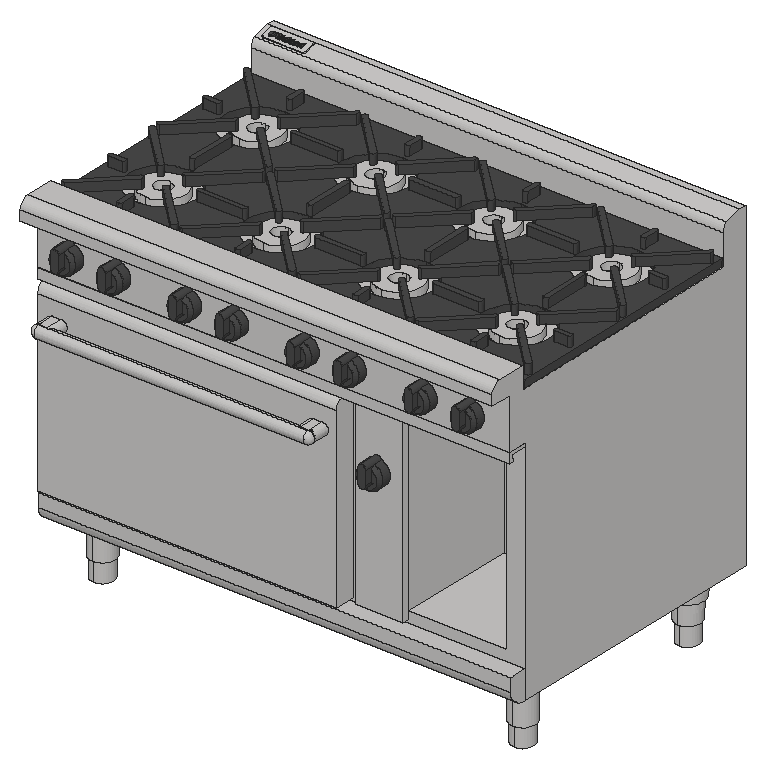
Revit family "QF_MOFFAT WALDORF_RNL8810G", category Specialty Equipment, Revit 2012
Parameters
  Width = 1200 mm
  Weight in Pounds = 258
  URL Cutsheet = "www.moffat.com"
  URL = "www.moffat.com"
  Type Mark [instance] = ""
  Status [instance] = ""
  Specification by User [instance] = ""
  Specification by Manufacturer = ""
  Show Logo [instance] = yes
  Show Clearance [instance] = yes
  Serial Number = ""
  Seismic Rating = ""
  SMACNA No = ""
  Revision Code [instance] = ""
  Omniclass Number and Title = ""
  NAFEM Spec ID Number = ""
  Model = "RNL8810G"
  Mechanical Remarks = ""
  Mechanical Connection Type [instance] = ""
  Masterspec = ""
  Manufacturer = "MOFFAT WALDORF"
  Item Number [instance] = ""
  Installed By [instance] = ""
  Identify Quantity as Lot [instance] = yes
  Height = 970 mm
  Gas Size = 3/4"
  Gas RI Height [instance] = 0 mm
  Gas KW [instance] = 70.5
  Gas Input [instance] = 240746.0 Btu/h
  Gas Connection Height = 0 mm
  Furnished By [instance] = ""
  Foodservice Equipment Identifier [instance] = yes
  Description = "RANGE LOW SPLASHBACK GAS WITH STATIC OVEN"
  Depth = 805 mm
  CSI MasterFormat = ""
  CSI Master Format = ""
  Body Finish = QF_Finishes_Stainless Steel
Reference planes
  plane 1 "BACK": y = 0
  plane 2: z = 0
  plane 3 "LEFT": x = 0
  plane 4 "RIGHT": x = 1200
  plane 5 "FRONT": y = -805
  plane 6 "TOP": z = 970
  plane 7 "Center Y": x = 600
  plane 8 "Center X": y = -402.5
  plane 9: x = 280
  plane 10: y = -574.272
  plane 11: x = 60
  plane 12: y = -304.972
  plane 13: y = -364.972
  plane 14: x = 74
  plane 15: y = -805
  plane 16: x = 1134.5
  plane 17: y = -32
  plane 18: z = 655
  plane 19: x = 65.5
  plane 20: x = 65.8
Forms (mm)
  Extrusion 1, solid, material "QF_Finishes_Stainless Steel" <- "Body Finish"
    sketch origin (0, 0, 0) x (0, 1, 0) y (0, 0, 1)
      loop
        line (0, 150) -> (0, 970) -> (-16.5, 970) -> (-58.709, 958.69)
        arc (-58.709, 958.69) -> (-66.975, 950.425) -> (-70, 939.134) r 22.582
        line (-70, 939.134) -> (-70, 861.8) -> (-709, 861.8) -> (-709, 915) -> (-781, 915)
        arc (-781, 915) -> (-797.971, 907.971) -> (-805, 891) r 24
        line (-805, 891) -> (-805, 866) -> (-749, 866) -> (-749, 736.219) -> (-696.73, 736.219) -> (-696.73, 150) -> (0, 150)
      loop
        line (-700.93, 150.071) -> (-700.93, 222.5) -> (-746.73, 222.5) -> (-746.73, 188)
        arc (-746.73, 188) -> (-731.317, 159.995) -> (-700.93, 150.071) r 43.526
      loop
        line (-749, 710) -> (-740.224, 710) -> (-742.613, 726.999) -> (-700.93, 726.999) -> (-700.93, 734.003) -> (-749, 734.003) -> (-749, 710)
    from 0 to 1200
  Extrusion 2, solid, material "QF_Finishes_Stainless Steel"
    sketch origin (0, 0, 0) x (0, 1, 0) y (0, 0, 1)
      loop
        line (-699, 700) -> (-725, 700)
        arc (-725, 700) -> (-741.971, 692.971) -> (-749, 676) r 24
        line (-749, 676) -> (-749, 227.5) -> (-699, 227.5) -> (-699, 700)
    from 0 to 760
  Extrusion 3, solid, material "QF_Finishes_Stainless Steel"
    sketch origin (723.5, 0, 0) x (0, 1, 0) y (0, 0, 1)
      loop
        line (-699, 700) -> (-714, 700) -> (-714, 227.5) -> (-699, 227.5) -> (-699, 700)
    from 56.898 to 176.5
  Revolve 4, solid, material "QF_Finishes_Stainless Steel" <- "Body Finish"
    sketch origin (1134.5, -165, 0) x (0, 1, 0) y (0, 0, -1)
      loop
        line (33.25, -50) -> (31.418, -102.468) -> (26.406, -102.468) -> (22.247, -150) -> (65, -150) -> (65, 0) -> (37.5, 0) -> (37.5, -50) -> (33.25, -50)
      axis (65, -150) -> (65, 0)
    angle from 0 to 360
  Revolve 5, solid, material "QF_Finishes_Stainless Steel" <- "Body Finish"
    sketch origin (1134.5, -696.126, 0) x (0, 1, 0) y (0, 0, -1)
      loop
        line (39.376, -150) -> (71.126, -150) -> (71.126, 0) -> (43.626, 0) -> (43.626, -50) -> (39.376, -50) -> (39.376, -150)
      axis (71.126, -150) -> (71.126, 0)
    angle from 0 to 360
  Revolve 6, solid, material "QF_Finishes_Stainless Steel" <- "Body Finish"
    sketch origin (65.5, -165, 0) x (0, 1, 0) y (0, 0, 1)
      loop
        line (31.418, 102.468) -> (33.25, 50) -> (37.5, 50) -> (37.5, 0) -> (65, 0) -> (65, 150) -> (22.247, 150) -> (26.406, 102.468) -> (31.418, 102.468)
      axis (65, 150) -> (65, 0)
    angle from 0 to 360
  Revolve 7, solid, material "QF_Finishes_Stainless Steel" <- "Body Finish"
    sketch origin (65.5, -696.126, 0) x (0, 1, 0) y (0, 0, 1)
      loop
        line (39.376, 150) -> (39.376, 50) -> (43.626, 50) -> (43.626, 0) -> (71.126, 0) -> (71.126, 150) -> (39.376, 150)
      axis (71.126, 150) -> (71.126, 0)
    angle from 0 to 360
  Extrusion 8, solid, material "QF_Finishes_Stainless Steel"
    sketch origin (-64.5, 0, 325) x (1, 0, 0) y (0, 1, 0)
      loop
        circle (1134.5, -32) r 10
    from 330 to 374.856
  Extrusion 9, void
    sketch origin (0, -696.73, 640) x (0, 0, -1) y (-1, 0, 0)
      loop
        line (-36, -900) -> (-36, -1150) -> (394, -1150) -> (394, -900) -> (-36, -900)
    from 0 to 304.8
  Extrusion 10, solid, material "QF_Finishes_Black"
    sketch origin (0, -70, 861.8) x (0, -1, 0) y (1, 0, 0)
      loop
        arc (1, 4) -> (1.879, 1.879) -> (4, 1) r 3
        line (4, 1) -> (631, 1)
        arc (631, 1) -> (633.121, 1.879) -> (634, 4) r 3
        line (634, 4) -> (634, 1197)
        arc (634, 1197) -> (633.121, 1199.121) -> (631, 1200) r 3
        line (631, 1200) -> (4, 1200)
        arc (4, 1200) -> (1.879, 1199.121) -> (1, 1197) r 3
        line (1, 1197) -> (1, 4)
      loop
        circle (167.5, 150) r 85
      loop
        circle (167.5, 450) r 85
      loop
        circle (467.768, 150) r 85
      loop
        circle (467.768, 450) r 85
      loop
        circle (167.5, 750) r 85
      loop
        circle (467.768, 750) r 85
      loop
        circle (167.5, 1050) r 85
      loop
        circle (467.768, 1050) r 85
    from 0 to 19.5
  Extrusion 11, solid, material "QF_Finishes_Black"
    sketch origin (0, -70, 881.3) x (0, -1, 0) y (1, 0, 0)
      loop
        spline (323.602, 15.153) -> (322.681, 13.924) -> (322.131, 12.47) -> (321.99, 10.89) -> (322.267, 9.292) -> (322.943, 7.786) -> (323.973, 6.473) -> (325.286, 5.443) -> (326.792, 4.767) -> (328.39, 4.49) -> (329.97, 4.631) -> (331.424, 5.181) -> (332.653, 6.102)
        line (332.653, 6.102) -> (440.576, 114.025)
        spline (440.576, 114.025) -> (441.337, 115.095) -> (441.738, 116.399) -> (441.751, 117.851) -> (441.375, 119.35) -> (440.637, 120.795) -> (439.586, 122.086) -> (438.295, 123.137) -> (436.85, 123.875) -> (435.351, 124.251) -> (433.899, 124.238) -> (432.595, 123.837) -> (431.525, 123.076)
        line (431.525, 123.076) -> (323.602, 15.153)
      loop
        line (611.398, 15.153) -> (503.475, 123.076)
        spline (503.475, 123.076) -> (502.405, 123.837) -> (501.101, 124.238) -> (499.649, 124.251) -> (498.15, 123.875) -> (496.705, 123.137) -> (495.414, 122.086) -> (494.363, 120.795) -> (493.625, 119.35) -> (493.249, 117.851) -> (493.262, 116.399) -> (493.663, 115.095) -> (494.424, 114.025)
        line (494.424, 114.025) -> (602.347, 6.102)
        spline (602.347, 6.102) -> (603.416, 5.341) -> (604.721, 4.941) -> (606.172, 4.928) -> (607.671, 5.303) -> (609.116, 6.041) -> (610.408, 7.092) -> (611.459, 8.384) -> (612.197, 9.829) -> (612.572, 11.328) -> (612.559, 12.779) -> (612.159, 14.084) -> (611.398, 15.153)
      loop
        spline (375.602, 143.6) -> (376.896, 143.818) -> (378.102, 144.457) -> (379.138, 145.475) -> (379.932, 146.8) -> (380.432, 148.344) -> (380.602, 150) -> (380.432, 151.656) -> (379.932, 153.2) -> (379.138, 154.525) -> (378.102, 155.543) -> (376.896, 156.182) -> (375.602, 156.4)
        line (375.602, 156.4) -> (259.398, 156.4)
        spline (259.398, 156.4) -> (258.104, 156.182) -> (256.898, 155.543) -> (255.862, 154.525) -> (255.068, 153.2) -> (254.568, 151.656) -> (254.398, 150) -> (254.568, 148.344) -> (255.068, 146.8) -> (255.862, 145.475) -> (256.898, 144.457) -> (258.104, 143.818) -> (259.398, 143.6)
        line (259.398, 143.6) -> (375.602, 143.6)
      loop
        spline (23.602, 15.153) -> (22.681, 13.924) -> (22.131, 12.47) -> (21.99, 10.89) -> (22.267, 9.292) -> (22.943, 7.786) -> (23.973, 6.473) -> (25.286, 5.443) -> (26.792, 4.767) -> (28.39, 4.49) -> (29.97, 4.631) -> (31.424, 5.181) -> (32.653, 6.102)
        line (32.653, 6.102) -> (140.576, 114.025)
        spline (140.576, 114.025) -> (141.337, 115.095) -> (141.738, 116.399) -> (141.751, 117.851) -> (141.375, 119.35) -> (140.637, 120.795) -> (139.586, 122.086) -> (138.295, 123.137) -> (136.85, 123.875) -> (135.351, 124.251) -> (133.899, 124.238) -> (132.595, 123.837) -> (131.525, 123.076)
        line (131.525, 123.076) -> (23.602, 15.153)
      loop
        line (311.398, 15.153) -> (203.475, 123.076)
        spline (203.475, 123.076) -> (202.405, 123.837) -> (201.101, 124.238) -> (199.649, 124.251) -> (198.15, 123.875) -> (196.705, 123.137) -> (195.414, 122.086) -> (194.363, 120.795) -> (193.625, 119.35) -> (193.249, 117.851) -> (193.262, 116.399) -> (193.663, 115.095) -> (194.424, 114.025)
        line (194.424, 114.025) -> (302.347, 6.102)
        spline (302.347, 6.102) -> (303.416, 5.341) -> (304.721, 4.941) -> (306.172, 4.928) -> (307.671, 5.303) -> (309.116, 6.041) -> (310.408, 7.092) -> (311.459, 8.384) -> (312.197, 9.829) -> (312.572, 11.328) -> (312.559, 12.779) -> (312.159, 14.084) -> (311.398, 15.153)
      loop
        line (323.602, 284.847) -> (431.525, 176.924)
        spline (431.525, 176.924) -> (432.595, 176.163) -> (433.899, 175.762) -> (435.351, 175.749) -> (436.85, 176.125) -> (438.295, 176.863) -> (439.586, 177.914) -> (440.637, 179.205) -> (441.375, 180.65) -> (441.751, 182.149) -> (441.738, 183.601) -> (441.337, 184.905) -> (440.576, 185.975)
        line (440.576, 185.975) -> (332.653, 293.898)
        spline (332.653, 293.898) -> (331.424, 294.819) -> (329.97, 295.369) -> (328.39, 295.51) -> (326.792, 295.233) -> (325.286, 294.557) -> (323.973, 293.527) -> (322.943, 292.214) -> (322.267, 290.708) -> (321.99, 289.11) -> (322.131, 287.53) -> (322.681, 286.076) -> (323.602, 284.847)
      loop
        spline (611.398, 284.847) -> (612.159, 285.916) -> (612.559, 287.221) -> (612.572, 288.672) -> (612.197, 290.171) -> (611.459, 291.616) -> (610.408, 292.908) -> (609.116, 293.959) -> (607.671, 294.697) -> (606.172, 295.072) -> (604.721, 295.059) -> (603.416, 294.659) -> (602.347, 293.898)
        line (602.347, 293.898) -> (494.424, 185.975)
        spline (494.424, 185.975) -> (493.663, 184.905) -> (493.262, 183.601) -> (493.249, 182.149) -> (493.625, 180.65) -> (494.363, 179.205) -> (495.414, 177.914) -> (496.705, 176.863) -> (498.15, 176.125) -> (499.649, 175.749) -> (501.101, 175.762) -> (502.405, 176.163) -> (503.475, 176.924)
        line (503.475, 176.924) -> (611.398, 284.847)
      loop
        spline (461.1, 241.898) -> (461.318, 240.604) -> (461.957, 239.398) -> (462.975, 238.362) -> (464.3, 237.568) -> (465.844, 237.068) -> (467.5, 236.898) -> (469.156, 237.068) -> (470.7, 237.568) -> (472.025, 238.362) -> (473.043, 239.398) -> (473.682, 240.604) -> (473.9, 241.898)
        line (473.9, 241.898) -> (473.9, 358.102)
        spline (473.9, 358.102) -> (473.682, 359.396) -> (473.043, 360.602) -> (472.025, 361.638) -> (470.7, 362.432) -> (469.156, 362.932) -> (467.5, 363.102) -> (465.844, 362.932) -> (464.3, 362.432) -> (462.975, 361.638) -> (461.957, 360.602) -> (461.318, 359.396) -> (461.1, 358.102)
        line (461.1, 358.102) -> (461.1, 241.898)
      loop
        line (23.602, 284.847) -> (131.525, 176.924)
        spline (131.525, 176.924) -> (132.595, 176.163) -> (133.899, 175.762) -> (135.351, 175.749) -> (136.85, 176.125) -> (138.295, 176.863) -> (139.586, 177.914) -> (140.637, 179.205) -> (141.375, 180.65) -> (141.751, 182.149) -> (141.738, 183.601) -> (141.337, 184.905) -> (140.576, 185.975)
        line (140.576, 185.975) -> (32.653, 293.898)
        spline (32.653, 293.898) -> (31.424, 294.819) -> (29.97, 295.369) -> (28.39, 295.51) -> (26.792, 295.233) -> (25.286, 294.557) -> (23.973, 293.527) -> (22.943, 292.214) -> (22.267, 290.708) -> (21.99, 289.11) -> (22.131, 287.53) -> (22.681, 286.076) -> (23.602, 284.847)
      loop
        spline (311.398, 284.847) -> (312.159, 285.916) -> (312.559, 287.221) -> (312.572, 288.672) -> (312.197, 290.171) -> (311.459, 291.616) -> (310.408, 292.908) -> (309.116, 293.959) -> (307.671, 294.697) -> (306.172, 295.072) -> (304.721, 295.059) -> (303.416, 294.659) -> (302.347, 293.898)
        line (302.347, 293.898) -> (194.424, 185.975)
        spline (194.424, 185.975) -> (193.663, 184.905) -> (193.262, 183.601) -> (193.249, 182.149) -> (193.625, 180.65) -> (194.363, 179.205) -> (195.414, 177.914) -> (196.705, 176.863) -> (198.15, 176.125) -> (199.649, 175.749) -> (201.101, 175.762) -> (202.405, 176.163) -> (203.475, 176.924)
        line (203.475, 176.924) -> (311.398, 284.847)
      loop
        spline (161.1, 241.898) -> (161.318, 240.604) -> (161.957, 239.398) -> (162.975, 238.362) -> (164.3, 237.568) -> (165.844, 237.068) -> (167.5, 236.898) -> (169.156, 237.068) -> (170.7, 237.568) -> (172.025, 238.362) -> (173.043, 239.398) -> (173.682, 240.604) -> (173.9, 241.898)
        line (173.9, 241.898) -> (173.9, 358.102)
        spline (173.9, 358.102) -> (173.682, 359.396) -> (173.043, 360.602) -> (172.025, 361.638) -> (170.7, 362.432) -> (169.156, 362.932) -> (167.5, 363.102) -> (165.844, 362.932) -> (164.3, 362.432) -> (162.975, 361.638) -> (161.957, 360.602) -> (161.318, 359.396) -> (161.1, 358.102)
        line (161.1, 358.102) -> (161.1, 241.898)
      loop
        line (375.602, 456.4) -> (259.398, 456.4)
        spline (259.398, 456.4) -> (258.104, 456.182) -> (256.898, 455.543) -> (255.862, 454.525) -> (255.068, 453.2) -> (254.568, 451.656) -> (254.398, 450) -> (254.568, 448.344) -> (255.068, 446.8) -> (255.862, 445.475) -> (256.898, 444.457) -> (258.104, 443.818) -> (259.398, 443.6)
        line (259.398, 443.6) -> (375.602, 443.6)
        spline (375.602, 443.6) -> (376.896, 443.818) -> (378.102, 444.457) -> (379.138, 445.475) -> (379.932, 446.8) -> (380.432, 448.344) -> (380.602, 450) -> (380.432, 451.656) -> (379.932, 453.2) -> (379.138, 454.525) -> (378.102, 455.543) -> (376.896, 456.182) -> (375.602, 456.4)
      loop
        spline (323.602, 315.153) -> (322.681, 313.924) -> (322.131, 312.47) -> (321.99, 310.89) -> (322.267, 309.292) -> (322.943, 307.786) -> (323.973, 306.473) -> (325.286, 305.443) -> (326.792, 304.767) -> (328.39, 304.49) -> (329.97, 304.631) -> (331.424, 305.181) -> (332.653, 306.102)
        line (332.653, 306.102) -> (440.576, 414.025)
        spline (440.576, 414.025) -> (441.337, 415.095) -> (441.738, 416.399) -> (441.751, 417.851) -> (441.375, 419.35) -> (440.637, 420.795) -> (439.586, 422.086) -> (438.295, 423.137) -> (436.85, 423.875) -> (435.351, 424.251) -> (433.899, 424.238) -> (432.595, 423.837) -> (431.525, 423.076)
        line (431.525, 423.076) -> (323.602, 315.153)
      loop
        line (611.398, 315.153) -> (503.475, 423.076)
        spline (503.475, 423.076) -> (502.405, 423.837) -> (501.101, 424.238) -> (499.649, 424.251) -> (498.15, 423.875) -> (496.705, 423.137) -> (495.414, 422.086) -> (494.363, 420.795) -> (493.625, 419.35) -> (493.249, 417.851) -> (493.262, 416.399) -> (493.663, 415.095) -> (494.424, 414.025)
        line (494.424, 414.025) -> (602.347, 306.102)
        spline (602.347, 306.102) -> (603.416, 305.341) -> (604.721, 304.941) -> (606.172, 304.928) -> (607.671, 305.303) -> (609.116, 306.041) -> (610.408, 307.092) -> (611.459, 308.384) -> (612.197, 309.829) -> (612.572, 311.328) -> (612.559, 312.779) -> (612.159, 314.084) -> (611.398, 315.153)
      loop
        spline (23.602, 315.153) -> (22.681, 313.924) -> (22.131, 312.47) -> (21.99, 310.89) -> (22.267, 309.292) -> (22.943, 307.786) -> (23.973, 306.473) -> (25.286, 305.443) -> (26.792, 304.767) -> (28.39, 304.49) -> (29.97, 304.631) -> (31.424, 305.181) -> (32.653, 306.102)
        line (32.653, 306.102) -> (140.576, 414.025)
        spline (140.576, 414.025) -> (141.337, 415.095) -> (141.738, 416.399) -> (141.751, 417.851) -> (141.375, 419.35) -> (140.637, 420.795) -> (139.586, 422.086) -> (138.295, 423.137) -> (136.85, 423.875) -> (135.351, 424.251) -> (133.899, 424.238) -> (132.595, 423.837) -> (131.525, 423.076)
        line (131.525, 423.076) -> (23.602, 315.153)
      loop
        line (311.398, 315.153) -> (203.475, 423.076)
        spline (203.475, 423.076) -> (202.405, 423.837) -> (201.101, 424.238) -> (199.649, 424.251) -> (198.15, 423.875) -> (196.705, 423.137) -> (195.414, 422.086) -> (194.363, 420.795) -> (193.625, 419.35) -> (193.249, 417.851) -> (193.262, 416.399) -> (193.663, 415.095) -> (194.424, 414.025)
        line (194.424, 414.025) -> (302.347, 306.102)
        spline (302.347, 306.102) -> (303.416, 305.341) -> (304.721, 304.941) -> (306.172, 304.928) -> (307.671, 305.303) -> (309.116, 306.041) -> (310.408, 307.092) -> (311.459, 308.384) -> (312.197, 309.829) -> (312.572, 311.328) -> (312.559, 312.779) -> (312.159, 314.084) -> (311.398, 315.153)
      loop
        line (323.602, 584.847) -> (431.525, 476.924)
        spline (431.525, 476.924) -> (432.595, 476.163) -> (433.899, 475.762) -> (435.351, 475.749) -> (436.85, 476.125) -> (438.295, 476.863) -> (439.586, 477.914) -> (440.637, 479.205) -> (441.375, 480.65) -> (441.751, 482.149) -> (441.738, 483.601) -> (441.337, 484.905) -> (440.576, 485.975)
        line (440.576, 485.975) -> (332.653, 593.898)
        spline (332.653, 593.898) -> (331.424, 594.819) -> (329.97, 595.369) -> (328.39, 595.51) -> (326.792, 595.233) -> (325.286, 594.557) -> (323.973, 593.527) -> (322.943, 592.214) -> (322.267, 590.708) -> (321.99, 589.11) -> (322.131, 587.53) -> (322.681, 586.076) -> (323.602, 584.847)
      loop
        spline (611.398, 584.847) -> (612.159, 585.916) -> (612.559, 587.221) -> (612.572, 588.672) -> (612.197, 590.171) -> (611.459, 591.616) -> (610.408, 592.908) -> (609.116, 593.959) -> (607.671, 594.697) -> (606.172, 595.072) -> (604.721, 595.059) -> (603.416, 594.659) -> (602.347, 593.898)
        line (602.347, 593.898) -> (494.424, 485.975)
        spline (494.424, 485.975) -> (493.663, 484.905) -> (493.262, 483.601) -> (493.249, 482.149) -> (493.625, 480.65) -> (494.363, 479.205) -> (495.414, 477.914) -> (496.705, 476.863) -> (498.15, 476.125) -> (499.649, 475.749) -> (501.101, 475.762) -> (502.405, 476.163) -> (503.475, 476.924)
        line (503.475, 476.924) -> (611.398, 584.847)
      loop
        line (23.602, 584.847) -> (131.525, 476.924)
        spline (131.525, 476.924) -> (132.595, 476.163) -> (133.899, 475.762) -> (135.351, 475.749) -> (136.85, 476.125) -> (138.295, 476.863) -> (139.586, 477.914) -> (140.637, 479.205) -> (141.375, 480.65) -> (141.751, 482.149) -> (141.738, 483.601) -> (141.337, 484.905) -> (140.576, 485.975)
        line (140.576, 485.975) -> (32.653, 593.898)
        spline (32.653, 593.898) -> (31.424, 594.819) -> (29.97, 595.369) -> (28.39, 595.51) -> (26.792, 595.233) -> (25.286, 594.557) -> (23.973, 593.527) -> (22.943, 592.214) -> (22.267, 590.708) -> (21.99, 589.11) -> (22.131, 587.53) -> (22.681, 586.076) -> (23.602, 584.847)
      loop
        spline (311.398, 584.847) -> (312.159, 585.916) -> (312.559, 587.221) -> (312.572, 588.672) -> (312.197, 590.171) -> (311.459, 591.616) -> (310.408, 592.908) -> (309.116, 593.959) -> (307.671, 594.697) -> (306.172, 595.072) -> (304.721, 595.059) -> (303.416, 594.659) -> (302.347, 593.898)
        line (302.347, 593.898) -> (194.424, 485.975)
        spline (194.424, 485.975) -> (193.663, 484.905) -> (193.262, 483.601) -> (193.249, 482.149) -> (193.625, 480.65) -> (194.363, 479.205) -> (195.414, 477.914) -> (196.705, 476.863) -> (198.15, 476.125) -> (199.649, 475.749) -> (201.101, 475.762) -> (202.405, 476.163) -> (203.475, 476.924)
        line (203.475, 476.924) -> (311.398, 584.847)
      loop
        spline (461.1, 541.898) -> (461.318, 540.604) -> (461.957, 539.398) -> (462.975, 538.362) -> (464.3, 537.568) -> (465.844, 537.068) -> (467.5, 536.898) -> (469.156, 537.068) -> (470.7, 537.568) -> (472.025, 538.362) -> (473.043, 539.398) -> (473.682, 540.604) -> (473.9, 541.898)
        line (473.9, 541.898) -> (473.9, 658.102)
        spline (473.9, 658.102) -> (473.682, 659.396) -> (473.043, 660.602) -> (472.025, 661.638) -> (470.7, 662.432) -> (469.156, 662.932) -> (467.5, 663.102) -> (465.844, 662.932) -> (464.3, 662.432) -> (462.975, 661.638) -> (461.957, 660.602) -> (461.318, 659.396) -> (461.1, 658.102)
        line (461.1, 658.102) -> (461.1, 541.898)
      loop
        spline (161.1, 541.898) -> (161.318, 540.604) -> (161.957, 539.398) -> (162.975, 538.362) -> (164.3, 537.568) -> (165.844, 537.068) -> (167.5, 536.898) -> (169.156, 537.068) -> (170.7, 537.568) -> (172.025, 538.362) -> (173.043, 539.398) -> (173.682, 540.604) -> (173.9, 541.898)
        line (173.9, 541.898) -> (173.9, 658.102)
        spline (173.9, 658.102) -> (173.682, 659.396) -> (173.043, 660.602) -> (172.025, 661.638) -> (170.7, 662.432) -> (169.156, 662.932) -> (167.5, 663.102) -> (165.844, 662.932) -> (164.3, 662.432) -> (162.975, 661.638) -> (161.957, 660.602) -> (161.318, 659.396) -> (161.1, 658.102)
        line (161.1, 658.102) -> (161.1, 541.898)
      loop
        line (375.602, 756.4) -> (259.398, 756.4)
        spline (259.398, 756.4) -> (258.104, 756.182) -> (256.898, 755.543) -> (255.862, 754.525) -> (255.068, 753.2) -> (254.568, 751.656) -> (254.398, 750) -> (254.568, 748.344) -> (255.068, 746.8) -> (255.862, 745.475) -> (256.898, 744.457) -> (258.104, 743.818) -> (259.398, 743.6)
        line (259.398, 743.6) -> (375.602, 743.6)
        spline (375.602, 743.6) -> (376.896, 743.818) -> (378.102, 744.457) -> (379.138, 745.475) -> (379.932, 746.8) -> (380.432, 748.344) -> (380.602, 750) -> (380.432, 751.656) -> (379.932, 753.2) -> (379.138, 754.525) -> (378.102, 755.543) -> (376.896, 756.182) -> (375.602, 756.4)
      loop
        spline (323.602, 615.153) -> (322.681, 613.924) -> (322.131, 612.47) -> (321.99, 610.89) -> (322.267, 609.292) -> (322.943, 607.786) -> (323.973, 606.473) -> (325.286, 605.443) -> (326.792, 604.767) -> (328.39, 604.49) -> (329.97, 604.631) -> (331.424, 605.181) -> (332.653, 606.102)
        line (332.653, 606.102) -> (440.576, 714.025)
        spline (440.576, 714.025) -> (441.337, 715.095) -> (441.738, 716.399) -> (441.751, 717.851) -> (441.375, 719.35) -> (440.637, 720.795) -> (439.586, 722.086) -> (438.295, 723.137) -> (436.85, 723.875) -> (435.351, 724.251) -> (433.899, 724.238) -> (432.595, 723.837) -> (431.525, 723.076)
        line (431.525, 723.076) -> (323.602, 615.153)
      loop
        line (611.398, 615.153) -> (503.475, 723.076)
        spline (503.475, 723.076) -> (502.405, 723.837) -> (501.101, 724.238) -> (499.649, 724.251) -> (498.15, 723.875) -> (496.705, 723.137) -> (495.414, 722.086) -> (494.363, 720.795) -> (493.625, 719.35) -> (493.249, 717.851) -> (493.262, 716.399) -> (493.663, 715.095) -> (494.424, 714.025)
        line (494.424, 714.025) -> (602.347, 606.102)
        spline (602.347, 606.102) -> (603.416, 605.341) -> (604.721, 604.941) -> (606.172, 604.928) -> (607.671, 605.303) -> (609.116, 606.041) -> (610.408, 607.092) -> (611.459, 608.384) -> (612.197, 609.829) -> (612.572, 611.328) -> (612.559, 612.779) -> (612.159, 614.084) -> (611.398, 615.153)
      loop
        spline (23.602, 615.153) -> (22.681, 613.924) -> (22.131, 612.47) -> (21.99, 610.89) -> (22.267, 609.292) -> (22.943, 607.786) -> (23.973, 606.473) -> (25.286, 605.443) -> (26.792, 604.767) -> (28.39, 604.49) -> (29.97, 604.631) -> (31.424, 605.181) -> (32.653, 606.102)
        line (32.653, 606.102) -> (140.576, 714.025)
        spline (140.576, 714.025) -> (141.337, 715.095) -> (141.738, 716.399) -> (141.751, 717.851) -> (141.375, 719.35) -> (140.637, 720.795) -> (139.586, 722.086) -> (138.295, 723.137) -> (136.85, 723.875) -> (135.351, 724.251) -> (133.899, 724.238) -> (132.595, 723.837) -> (131.525, 723.076)
        line (131.525, 723.076) -> (23.602, 615.153)
      loop
        line (311.398, 615.153) -> (203.475, 723.076)
        spline (203.475, 723.076) -> (202.405, 723.837) -> (201.101, 724.238) -> (199.649, 724.251) -> (198.15, 723.875) -> (196.705, 723.137) -> (195.414, 722.086) -> (194.363, 720.795) -> (193.625, 719.35) -> (193.249, 717.851) -> (193.262, 716.399) -> (193.663, 715.095) -> (194.424, 714.025)
        line (194.424, 714.025) -> (302.347, 606.102)
        spline (302.347, 606.102) -> (303.416, 605.341) -> (304.721, 604.941) -> (306.172, 604.928) -> (307.671, 605.303) -> (309.116, 606.041) -> (310.408, 607.092) -> (311.459, 608.384) -> (312.197, 609.829) -> (312.572, 611.328) -> (312.559, 612.779) -> (312.159, 614.084) -> (311.398, 615.153)
      loop
        line (323.602, 884.847) -> (431.525, 776.924)
        spline (431.525, 776.924) -> (432.595, 776.163) -> (433.899, 775.762) -> (435.351, 775.749) -> (436.85, 776.125) -> (438.295, 776.863) -> (439.586, 777.914) -> (440.637, 779.205) -> (441.375, 780.65) -> (441.751, 782.149) -> (441.738, 783.601) -> (441.337, 784.905) -> (440.576, 785.975)
        line (440.576, 785.975) -> (332.653, 893.898)
        spline (332.653, 893.898) -> (331.424, 894.819) -> (329.97, 895.369) -> (328.39, 895.51) -> (326.792, 895.233) -> (325.286, 894.557) -> (323.973, 893.527) -> (322.943, 892.214) -> (322.267, 890.708) -> (321.99, 889.11) -> (322.131, 887.53) -> (322.681, 886.076) -> (323.602, 884.847)
      loop
        spline (611.398, 884.847) -> (612.159, 885.916) -> (612.559, 887.221) -> (612.572, 888.672) -> (612.197, 890.171) -> (611.459, 891.616) -> (610.408, 892.908) -> (609.116, 893.959) -> (607.671, 894.697) -> (606.172, 895.072) -> (604.721, 895.059) -> (603.416, 894.659) -> (602.347, 893.898)
        line (602.347, 893.898) -> (494.424, 785.975)
        spline (494.424, 785.975) -> (493.663, 784.905) -> (493.262, 783.601) -> (493.249, 782.149) -> (493.625, 780.65) -> (494.363, 779.205) -> (495.414, 777.914) -> (496.705, 776.863) -> (498.15, 776.125) -> (499.649, 775.749) -> (501.101, 775.762) -> (502.405, 776.163) -> (503.475, 776.924)
        line (503.475, 776.924) -> (611.398, 884.847)
      loop
        line (23.602, 884.847) -> (131.525, 776.924)
        spline (131.525, 776.924) -> (132.595, 776.163) -> (133.899, 775.762) -> (135.351, 775.749) -> (136.85, 776.125) -> (138.295, 776.863) -> (139.586, 777.914) -> (140.637, 779.205) -> (141.375, 780.65) -> (141.751, 782.149) -> (141.738, 783.601) -> (141.337, 784.905) -> (140.576, 785.975)
        line (140.576, 785.975) -> (32.653, 893.898)
        spline (32.653, 893.898) -> (31.424, 894.819) -> (29.97, 895.369) -> (28.39, 895.51) -> (26.792, 895.233) -> (25.286, 894.557) -> (23.973, 893.527) -> (22.943, 892.214) -> (22.267, 890.708) -> (21.99, 889.11) -> (22.131, 887.53) -> (22.681, 886.076) -> (23.602, 884.847)
      loop
        spline (311.398, 884.847) -> (312.159, 885.916) -> (312.559, 887.221) -> (312.572, 888.672) -> (312.197, 890.171) -> (311.459, 891.616) -> (310.408, 892.908) -> (309.116, 893.959) -> (307.671, 894.697) -> (306.172, 895.072) -> (304.721, 895.059) -> (303.416, 894.659) -> (302.347, 893.898)
        line (302.347, 893.898) -> (194.424, 785.975)
        spline (194.424, 785.975) -> (193.663, 784.905) -> (193.262, 783.601) -> (193.249, 782.149) -> (193.625, 780.65) -> (194.363, 779.205) -> (195.414, 777.914) -> (196.705, 776.863) -> (198.15, 776.125) -> (199.649, 775.749) -> (201.101, 775.762) -> (202.405, 776.163) -> (203.475, 776.924)
        line (203.475, 776.924) -> (311.398, 884.847)
      loop
        line (323.602, 1184.847) -> (431.525, 1076.924)
        spline (431.525, 1076.924) -> (432.595, 1076.163) -> (433.899, 1075.762) -> (435.351, 1075.749) -> (436.85, 1076.125) -> (438.295, 1076.863) -> (439.586, 1077.914) -> (440.637, 1079.205) -> (441.375, 1080.65) -> (441.751, 1082.149) -> (441.738, 1083.601) -> (441.337, 1084.905) -> (440.576, 1085.975)
        line (440.576, 1085.975) -> (332.653, 1193.898)
        spline (332.653, 1193.898) -> (331.424, 1194.819) -> (329.97, 1195.369) -> (328.39, 1195.51) -> (326.792, 1195.233) -> (325.286, 1194.557) -> (323.973, 1193.527) -> (322.943, 1192.214) -> (322.267, 1190.708) -> (321.99, 1189.11) -> (322.131, 1187.53) -> (322.681, 1186.076) -> (323.602, 1184.847)
      loop
        spline (611.398, 1184.847) -> (612.159, 1185.916) -> (612.559, 1187.221) -> (612.572, 1188.672) -> (612.197, 1190.171) -> (611.459, 1191.616) -> (610.408, 1192.908) -> (609.116, 1193.959) -> (607.671, 1194.697) -> (606.172, 1195.072) -> (604.721, 1195.059) -> (603.416, 1194.659) -> (602.347, 1193.898)
        line (602.347, 1193.898) -> (494.424, 1085.975)
        spline (494.424, 1085.975) -> (493.663, 1084.905) -> (493.262, 1083.601) -> (493.249, 1082.149) -> (493.625, 1080.65) -> (494.363, 1079.205) -> (495.414, 1077.914) -> (496.705, 1076.863) -> (498.15, 1076.125) -> (499.649, 1075.749) -> (501.101, 1075.762) -> (502.405, 1076.163) -> (503.475, 1076.924)
        line (503.475, 1076.924) -> (611.398, 1184.847)
      loop
        line (375.602, 1056.4) -> (259.398, 1056.4)
        spline (259.398, 1056.4) -> (258.104, 1056.182) -> (256.898, 1055.543) -> (255.862, 1054.525) -> (255.068, 1053.2) -> (254.568, 1051.656) -> (254.398, 1050) -> (254.568, 1048.344) -> (255.068, 1046.8) -> (255.862, 1045.475) -> (256.898, 1044.457) -> (258.104, 1043.818) -> (259.398, 1043.6)
        line (259.398, 1043.6) -> (375.602, 1043.6)
        spline (375.602, 1043.6) -> (376.896, 1043.818) -> (378.102, 1044.457) -> (379.138, 1045.475) -> (379.932, 1046.8) -> (380.432, 1048.344) -> (380.602, 1050) -> (380.432, 1051.656) -> (379.932, 1053.2) -> (379.138, 1054.525) -> (378.102, 1055.543) -> (376.896, 1056.182) -> (375.602, 1056.4)
      loop
        line (23.602, 1184.847) -> (131.525, 1076.924)
        spline (131.525, 1076.924) -> (132.595, 1076.163) -> (133.899, 1075.762) -> (135.351, 1075.749) -> (136.85, 1076.125) -> (138.295, 1076.863) -> (139.586, 1077.914) -> (140.637, 1079.205) -> (141.375, 1080.65) -> (141.751, 1082.149) -> (141.738, 1083.601) -> (141.337, 1084.905) -> (140.576, 1085.975)
        line (140.576, 1085.975) -> (32.653, 1193.898)
        spline (32.653, 1193.898) -> (31.424, 1194.819) -> (29.97, 1195.369) -> (28.39, 1195.51) -> (26.792, 1195.233) -> (25.286, 1194.557) -> (23.973, 1193.527) -> (22.943, 1192.214) -> (22.267, 1190.708) -> (21.99, 1189.11) -> (22.131, 1187.53) -> (22.681, 1186.076) -> (23.602, 1184.847)
      loop
        spline (311.398, 1184.847) -> (312.159, 1185.916) -> (312.559, 1187.221) -> (312.572, 1188.672) -> (312.197, 1190.171) -> (311.459, 1191.616) -> (310.408, 1192.908) -> (309.116, 1193.959) -> (307.671, 1194.697) -> (306.172, 1195.072) -> (304.721, 1195.059) -> (303.416, 1194.659) -> (302.347, 1193.898)
        line (302.347, 1193.898) -> (194.424, 1085.975)
        spline (194.424, 1085.975) -> (193.663, 1084.905) -> (193.262, 1083.601) -> (193.249, 1082.149) -> (193.625, 1080.65) -> (194.363, 1079.205) -> (195.414, 1077.914) -> (196.705, 1076.863) -> (198.15, 1076.125) -> (199.649, 1075.749) -> (201.101, 1075.762) -> (202.405, 1076.163) -> (203.475, 1076.924)
        line (203.475, 1076.924) -> (311.398, 1184.847)
      loop
        spline (323.602, 915.153) -> (322.681, 913.924) -> (322.131, 912.47) -> (321.99, 910.89) -> (322.267, 909.292) -> (322.943, 907.786) -> (323.973, 906.473) -> (325.286, 905.443) -> (326.792, 904.767) -> (328.39, 904.49) -> (329.97, 904.631) -> (331.424, 905.181) -> (332.653, 906.102)
        line (332.653, 906.102) -> (440.576, 1014.025)
        spline (440.576, 1014.025) -> (441.337, 1015.095) -> (441.738, 1016.399) -> (441.751, 1017.851) -> (441.375, 1019.35) -> (440.637, 1020.795) -> (439.586, 1022.086) -> (438.295, 1023.137) -> (436.85, 1023.875) -> (435.351, 1024.251) -> (433.899, 1024.238) -> (432.595, 1023.837) -> (431.525, 1023.076)
        line (431.525, 1023.076) -> (323.602, 915.153)
      loop
        line (611.398, 915.153) -> (503.475, 1023.076)
        spline (503.475, 1023.076) -> (502.405, 1023.837) -> (501.101, 1024.238) -> (499.649, 1024.251) -> (498.15, 1023.875) -> (496.705, 1023.137) -> (495.414, 1022.086) -> (494.363, 1020.795) -> (493.625, 1019.35) -> (493.249, 1017.851) -> (493.262, 1016.399) -> (493.663, 1015.095) -> (494.424, 1014.025)
        line (494.424, 1014.025) -> (602.347, 906.102)
        spline (602.347, 906.102) -> (603.416, 905.341) -> (604.721, 904.941) -> (606.172, 904.928) -> (607.671, 905.303) -> (609.116, 906.041) -> (610.408, 907.092) -> (611.459, 908.384) -> (612.197, 909.829) -> (612.572, 911.328) -> (612.559, 912.779) -> (612.159, 914.084) -> (611.398, 915.153)
      loop
        spline (23.602, 915.153) -> (22.681, 913.924) -> (22.131, 912.47) -> (21.99, 910.89) -> (22.267, 909.292) -> (22.943, 907.786) -> (23.973, 906.473) -> (25.286, 905.443) -> (26.792, 904.767) -> (28.39, 904.49) -> (29.97, 904.631) -> (31.424, 905.181) -> (32.653, 906.102)
        line (32.653, 906.102) -> (140.576, 1014.025)
        spline (140.576, 1014.025) -> (141.337, 1015.095) -> (141.738, 1016.399) -> (141.751, 1017.851) -> (141.375, 1019.35) -> (140.637, 1020.795) -> (139.586, 1022.086) -> (138.295, 1023.137) -> (136.85, 1023.875) -> (135.351, 1024.251) -> (133.899, 1024.238) -> (132.595, 1023.837) -> (131.525, 1023.076)
        line (131.525, 1023.076) -> (23.602, 915.153)
      loop
        line (311.398, 915.153) -> (203.475, 1023.076)
        spline (203.475, 1023.076) -> (202.405, 1023.837) -> (201.101, 1024.238) -> (199.649, 1024.251) -> (198.15, 1023.875) -> (196.705, 1023.137) -> (195.414, 1022.086) -> (194.363, 1020.795) -> (193.625, 1019.35) -> (193.249, 1017.851) -> (193.262, 1016.399) -> (193.663, 1015.095) -> (194.424, 1014.025)
        line (194.424, 1014.025) -> (302.347, 906.102)
        spline (302.347, 906.102) -> (303.416, 905.341) -> (304.721, 904.941) -> (306.172, 904.928) -> (307.671, 905.303) -> (309.116, 906.041) -> (310.408, 907.092) -> (311.459, 908.384) -> (312.197, 909.829) -> (312.572, 911.328) -> (312.559, 912.779) -> (312.159, 914.084) -> (311.398, 915.153)
      loop
        line (461.1, 958.102) -> (461.1, 841.898)
        spline (461.1, 841.898) -> (461.318, 840.604) -> (461.957, 839.398) -> (462.975, 838.362) -> (464.3, 837.568) -> (465.844, 837.068) -> (467.5, 836.898) -> (469.156, 837.068) -> (470.7, 837.568) -> (472.025, 838.362) -> (473.043, 839.398) -> (473.682, 840.604) -> (473.9, 841.898)
        line (473.9, 841.898) -> (473.9, 958.102)
        spline (473.9, 958.102) -> (473.682, 959.396) -> (473.043, 960.602) -> (472.025, 961.638) -> (470.7, 962.432) -> (469.156, 962.932) -> (467.5, 963.102) -> (465.844, 962.932) -> (464.3, 962.432) -> (462.975, 961.638) -> (461.957, 960.602) -> (461.318, 959.396) -> (461.1, 958.102)
      loop
        line (161.1, 958.102) -> (161.1, 841.898)
        spline (161.1, 841.898) -> (161.318, 840.604) -> (161.957, 839.398) -> (162.975, 838.362) -> (164.3, 837.568) -> (165.844, 837.068) -> (167.5, 836.898) -> (169.156, 837.068) -> (170.7, 837.568) -> (172.025, 838.362) -> (173.043, 839.398) -> (173.682, 840.604) -> (173.9, 841.898)
        line (173.9, 841.898) -> (173.9, 958.102)
        spline (173.9, 958.102) -> (173.682, 959.396) -> (173.043, 960.602) -> (172.025, 961.638) -> (170.7, 962.432) -> (169.156, 962.932) -> (167.5, 963.102) -> (165.844, 962.932) -> (164.3, 962.432) -> (162.975, 961.638) -> (161.957, 960.602) -> (161.318, 959.396) -> (161.1, 958.102)
      loop
        spline (65.602, 143.6) -> (66.896, 143.818) -> (68.102, 144.457) -> (69.138, 145.475) -> (69.932, 146.8) -> (70.432, 148.344) -> (70.602, 150) -> (70.432, 151.656) -> (69.932, 153.2) -> (69.138, 154.525) -> (68.102, 155.543) -> (66.896, 156.182) -> (65.602, 156.4)
        line (65.602, 156.4) -> (29.398, 156.4)
        spline (29.398, 156.4) -> (28.104, 156.182) -> (26.898, 155.543) -> (25.862, 154.525) -> (25.068, 153.2) -> (24.568, 151.656) -> (24.398, 150) -> (24.568, 148.344) -> (25.068, 146.8) -> (25.862, 145.475) -> (26.898, 144.457) -> (28.104, 143.818) -> (29.398, 143.6)
        line (29.398, 143.6) -> (65.602, 143.6)
      loop
        spline (65.602, 443.6) -> (66.896, 443.818) -> (68.102, 444.457) -> (69.138, 445.475) -> (69.932, 446.8) -> (70.432, 448.344) -> (70.602, 450) -> (70.432, 451.656) -> (69.932, 453.2) -> (69.138, 454.525) -> (68.102, 455.543) -> (66.896, 456.182) -> (65.602, 456.4)
        line (65.602, 456.4) -> (29.398, 456.4)
        spline (29.398, 456.4) -> (28.104, 456.182) -> (26.898, 455.543) -> (25.862, 454.525) -> (25.068, 453.2) -> (24.568, 451.656) -> (24.398, 450) -> (24.568, 448.344) -> (25.068, 446.8) -> (25.862, 445.475) -> (26.898, 444.457) -> (28.104, 443.818) -> (29.398, 443.6)
        line (29.398, 443.6) -> (65.602, 443.6)
      loop
        spline (65.602, 743.6) -> (66.896, 743.818) -> (68.102, 744.457) -> (69.138, 745.475) -> (69.932, 746.8) -> (70.432, 748.344) -> (70.602, 750) -> (70.432, 751.656) -> (69.932, 753.2) -> (69.138, 754.525) -> (68.102, 755.543) -> (66.896, 756.182) -> (65.602, 756.4)
        line (65.602, 756.4) -> (29.398, 756.4)
        spline (29.398, 756.4) -> (28.104, 756.182) -> (26.898, 755.543) -> (25.862, 754.525) -> (25.068, 753.2) -> (24.568, 751.656) -> (24.398, 750) -> (24.568, 748.344) -> (25.068, 746.8) -> (25.862, 745.475) -> (26.898, 744.457) -> (28.104, 743.818) -> (29.398, 743.6)
        line (29.398, 743.6) -> (65.602, 743.6)
      loop
        spline (65.602, 1043.6) -> (66.896, 1043.818) -> (68.102, 1044.457) -> (69.138, 1045.475) -> (69.932, 1046.8) -> (70.432, 1048.344) -> (70.602, 1050) -> (70.432, 1051.656) -> (69.932, 1053.2) -> (69.138, 1054.525) -> (68.102, 1055.543) -> (66.896, 1056.182) -> (65.602, 1056.4)
        line (65.602, 1056.4) -> (29.398, 1056.4)
        spline (29.398, 1056.4) -> (28.104, 1056.182) -> (26.898, 1055.543) -> (25.862, 1054.525) -> (25.068, 1053.2) -> (24.568, 1051.656) -> (24.398, 1050) -> (24.568, 1048.344) -> (25.068, 1046.8) -> (25.862, 1045.475) -> (26.898, 1044.457) -> (28.104, 1043.818) -> (29.398, 1043.6)
        line (29.398, 1043.6) -> (65.602, 1043.6)
      loop
        spline (605.602, 143.6) -> (606.896, 143.818) -> (608.102, 144.457) -> (609.138, 145.475) -> (609.932, 146.8) -> (610.432, 148.344) -> (610.602, 150) -> (610.432, 151.656) -> (609.932, 153.2) -> (609.138, 154.525) -> (608.102, 155.543) -> (606.896, 156.182) -> (605.602, 156.4)
        line (605.602, 156.4) -> (569.398, 156.4)
        spline (569.398, 156.4) -> (568.104, 156.182) -> (566.898, 155.543) -> (565.862, 154.525) -> (565.068, 153.2) -> (564.568, 151.656) -> (564.398, 150) -> (564.568, 148.344) -> (565.068, 146.8) -> (565.862, 145.475) -> (566.898, 144.457) -> (568.104, 143.818) -> (569.398, 143.6)
        line (569.398, 143.6) -> (605.602, 143.6)
      loop
        spline (605.602, 443.6) -> (606.896, 443.818) -> (608.102, 444.457) -> (609.138, 445.475) -> (609.932, 446.8) -> (610.432, 448.344) -> (610.602, 450) -> (610.432, 451.656) -> (609.932, 453.2) -> (609.138, 454.525) -> (608.102, 455.543) -> (606.896, 456.182) -> (605.602, 456.4)
        line (605.602, 456.4) -> (569.398, 456.4)
        spline (569.398, 456.4) -> (568.104, 456.182) -> (566.898, 455.543) -> (565.862, 454.525) -> (565.068, 453.2) -> (564.568, 451.656) -> (564.398, 450) -> (564.568, 448.344) -> (565.068, 446.8) -> (565.862, 445.475) -> (566.898, 444.457) -> (568.104, 443.818) -> (569.398, 443.6)
        line (569.398, 443.6) -> (605.602, 443.6)
      loop
        spline (605.602, 743.6) -> (606.896, 743.818) -> (608.102, 744.457) -> (609.138, 745.475) -> (609.932, 746.8) -> (610.432, 748.344) -> (610.602, 750) -> (610.432, 751.656) -> (609.932, 753.2) -> (609.138, 754.525) -> (608.102, 755.543) -> (606.896, 756.182) -> (605.602, 756.4)
        line (605.602, 756.4) -> (569.398, 756.4)
        spline (569.398, 756.4) -> (568.104, 756.182) -> (566.898, 755.543) -> (565.862, 754.525) -> (565.068, 753.2) -> (564.568, 751.656) -> (564.398, 750) -> (564.568, 748.344) -> (565.068, 746.8) -> (565.862, 745.475) -> (566.898, 744.457) -> (568.104, 743.818) -> (569.398, 743.6)
        line (569.398, 743.6) -> (605.602, 743.6)
      loop
        spline (605.602, 1043.6) -> (606.896, 1043.818) -> (608.102, 1044.457) -> (609.138, 1045.475) -> (609.932, 1046.8) -> (610.432, 1048.344) -> (610.602, 1050) -> (610.432, 1051.656) -> (609.932, 1053.2) -> (609.138, 1054.525) -> (608.102, 1055.543) -> (606.896, 1056.182) -> (605.602, 1056.4)
        line (605.602, 1056.4) -> (569.398, 1056.4)
        spline (569.398, 1056.4) -> (568.104, 1056.182) -> (566.898, 1055.543) -> (565.862, 1054.525) -> (565.068, 1053.2) -> (564.568, 1051.656) -> (564.398, 1050) -> (564.568, 1048.344) -> (565.068, 1046.8) -> (565.862, 1045.475) -> (566.898, 1044.457) -> (568.104, 1043.818) -> (569.398, 1043.6)
        line (569.398, 1043.6) -> (605.602, 1043.6)
      loop
        line (460.626, 1184.352) -> (460.626, 1150.359)
        spline (460.626, 1150.359) -> (460.844, 1149.065) -> (461.483, 1147.859) -> (462.501, 1146.823) -> (463.826, 1146.029) -> (465.37, 1145.529) -> (467.026, 1145.359) -> (468.682, 1145.529) -> (470.226, 1146.029) -> (471.551, 1146.823) -> (472.569, 1147.859) -> (473.208, 1149.065) -> (473.426, 1150.359)
        line (473.426, 1150.359) -> (473.426, 1184.352)
        spline (473.426, 1184.352) -> (473.208, 1185.646) -> (472.569, 1186.852) -> (471.551, 1187.888) -> (470.226, 1188.682) -> (468.682, 1189.182) -> (467.026, 1189.352) -> (465.37, 1189.182) -> (463.826, 1188.682) -> (462.501, 1187.888) -> (461.483, 1186.852) -> (460.844, 1185.646) -> (460.626, 1184.352)
      loop
        line (160.11, 1184.352) -> (160.11, 1150.359)
        spline (160.11, 1150.359) -> (160.328, 1149.065) -> (160.967, 1147.859) -> (161.984, 1146.823) -> (163.31, 1146.029) -> (164.853, 1145.529) -> (166.51, 1145.359) -> (168.166, 1145.529) -> (169.71, 1146.029) -> (171.035, 1146.823) -> (172.052, 1147.859) -> (172.692, 1149.065) -> (172.91, 1150.359)
        line (172.91, 1150.359) -> (172.91, 1184.352)
        spline (172.91, 1184.352) -> (172.692, 1185.646) -> (172.052, 1186.852) -> (171.035, 1187.888) -> (169.71, 1188.682) -> (168.166, 1189.182) -> (166.51, 1189.352) -> (164.853, 1189.182) -> (163.31, 1188.682) -> (161.984, 1187.888) -> (160.967, 1186.852) -> (160.328, 1185.646) -> (160.11, 1184.352)
      loop
        line (460.626, 50.584) -> (460.626, 16.591)
        spline (460.626, 16.591) -> (460.844, 15.297) -> (461.483, 14.091) -> (462.501, 13.055) -> (463.826, 12.261) -> (465.37, 11.761) -> (467.026, 11.591) -> (468.682, 11.761) -> (470.226, 12.261) -> (471.551, 13.055) -> (472.569, 14.091) -> (473.208, 15.297) -> (473.426, 16.591)
        line (473.426, 16.591) -> (473.426, 50.584)
        spline (473.426, 50.584) -> (473.208, 51.878) -> (472.569, 53.084) -> (471.551, 54.119) -> (470.226, 54.914) -> (468.682, 55.413) -> (467.026, 55.584) -> (465.37, 55.413) -> (463.826, 54.914) -> (462.501, 54.119) -> (461.483, 53.084) -> (460.844, 51.878) -> (460.626, 50.584)
      loop
        line (160.11, 50.584) -> (160.11, 16.591)
        spline (160.11, 16.591) -> (160.328, 15.297) -> (160.967, 14.091) -> (161.984, 13.055) -> (163.31, 12.261) -> (164.853, 11.761) -> (166.51, 11.591) -> (168.166, 11.761) -> (169.71, 12.261) -> (171.035, 13.055) -> (172.052, 14.091) -> (172.692, 15.297) -> (172.91, 16.591)
        line (172.91, 16.591) -> (172.91, 50.584)
        spline (172.91, 50.584) -> (172.692, 51.878) -> (172.052, 53.084) -> (171.035, 54.119) -> (169.71, 54.914) -> (168.166, 55.413) -> (166.51, 55.584) -> (164.853, 55.413) -> (163.31, 54.914) -> (161.984, 54.119) -> (160.967, 53.084) -> (160.328, 51.878) -> (160.11, 50.584)
    from 0 to 23.5
  Revolve 12, solid, material "QF_Finishes_Black"
    sketch origin (810.601, 38.874, -0.118) x (0, 1, 0) y (0, 0, 1)
      loop
        line (-820.874, 829.5) -> (-831.874, 823.651) -> (-831.874, 797) -> (-787.874, 797) -> (-787.874, 802) -> (-797.874, 802) -> (-797.874, 829.5) -> (-820.874, 829.5)
      axis (-831.874, 797) -> (-787.874, 797)
    angle from 0 to 360
  Revolve 13, solid, material "QF_Finishes_Black"
    sketch origin (690.601, 38.874, -0.118) x (0, 1, 0) y (0, 0, 1)
      loop
        line (-820.874, 829.5) -> (-831.874, 823.651) -> (-831.874, 797) -> (-787.874, 797) -> (-787.874, 802) -> (-797.874, 802) -> (-797.874, 829.5) -> (-820.874, 829.5)
      axis (-831.874, 797) -> (-787.874, 797)
    angle from 0 to 360
  Revolve 14, solid, material "QF_Finishes_Black"
    sketch origin (90.649, 38.874, -0.118) x (0, 1, 0) y (0, 0, -1)
      loop
        line (-820.874, -829.5) -> (-797.874, -829.5) -> (-797.874, -802) -> (-787.874, -802) -> (-787.874, -797) -> (-831.874, -797) -> (-831.874, -823.651) -> (-820.874, -829.5)
      axis (-831.874, -797) -> (-787.874, -797)
    angle from 0 to 360
  Revolve 15, solid, material "QF_Finishes_Black"
    sketch origin (210.649, 38.874, -0.118) x (0, 1, 0) y (0, 0, -1)
      loop
        line (-820.874, -829.5) -> (-797.874, -829.5) -> (-797.874, -802) -> (-787.874, -802) -> (-787.874, -797) -> (-831.874, -797) -> (-831.874, -823.651) -> (-820.874, -829.5)
      axis (-831.874, -797) -> (-787.874, -797)
    angle from 0 to 360
  Revolve 16, solid, material "QF_Finishes_Black"
    sketch origin (390.625, 38.874, -0.118) x (0, 1, 0) y (0, 0, -1)
      loop
        line (-820.874, -829.5) -> (-797.874, -829.5) -> (-797.874, -802) -> (-787.874, -802) -> (-787.874, -797) -> (-831.874, -797) -> (-831.874, -823.651) -> (-820.874, -829.5)
      axis (-831.874, -797) -> (-787.874, -797)
    angle from 0 to 360
  Revolve 17, solid, material "QF_Finishes_Black"
    sketch origin (510.625, 38.874, -0.118) x (0, 1, 0) y (0, 0, -1)
      loop
        line (-820.874, -829.5) -> (-797.874, -829.5) -> (-797.874, -802) -> (-787.874, -802) -> (-787.874, -797) -> (-831.874, -797) -> (-831.874, -823.651) -> (-820.874, -829.5)
      axis (-831.874, -797) -> (-787.874, -797)
    angle from 0 to 360
  Revolve 18, solid, material "QF_Finishes_Black"
    sketch origin (1110.576, 38.874, -0.118) x (0, 1, 0) y (0, 0, 1)
      loop
        line (-820.874, 829.5) -> (-831.874, 823.651) -> (-831.874, 797) -> (-787.874, 797) -> (-787.874, 802) -> (-797.874, 802) -> (-797.874, 829.5) -> (-820.874, 829.5)
      axis (-831.874, 797) -> (-787.874, 797)
    angle from 0 to 360
  Revolve 19, solid, material "QF_Finishes_Black"
    sketch origin (990.576, 38.874, -0.118) x (0, 1, 0) y (0, 0, 1)
      loop
        line (-820.874, 829.5) -> (-831.874, 823.651) -> (-831.874, 797) -> (-787.874, 797) -> (-787.874, 802) -> (-797.874, 802) -> (-797.874, 829.5) -> (-820.874, 829.5)
      axis (-831.874, 797) -> (-787.874, 797)
    angle from 0 to 360
  Extrusion 20, solid, material "QF_Finishes_Black"
    sketch origin (238.456, 0, -0.118) x (-1, 0, 0) y (0, 0, -1)
      loop
        arc (158.3, -789) -> (148.3, -779) -> (138.3, -789) r 10
        line (138.3, -789) -> (138.3, -824)
        arc (138.3, -824) -> (148.3, -834) -> (158.3, -824) r 10
        line (158.3, -824) -> (158.3, -789)
    from 759 to 808
  Extrusion 21, solid, material "QF_Finishes_Black"
    sketch origin (358.456, 0, -0.118) x (-1, 0, 0) y (0, 0, -1)
      loop
        arc (158.3, -789) -> (148.3, -779) -> (138.3, -789) r 10
        line (138.3, -789) -> (138.3, -824)
        arc (138.3, -824) -> (148.3, -834) -> (158.3, -824) r 10
        line (158.3, -824) -> (158.3, -789)
    from 759 to 808
  Extrusion 22, solid, material "QF_Finishes_Black"
    sketch origin (538.432, 0, -0.118) x (-1, 0, 0) y (0, 0, -1)
      loop
        arc (158.3, -789) -> (148.3, -779) -> (138.3, -789) r 10
        line (138.3, -789) -> (138.3, -824)
        arc (138.3, -824) -> (148.3, -834) -> (158.3, -824) r 10
        line (158.3, -824) -> (158.3, -789)
    from 759 to 808
  Extrusion 23, solid, material "QF_Finishes_Black"
    sketch origin (658.432, 0, -0.118) x (-1, 0, 0) y (0, 0, -1)
      loop
        arc (158.3, -789) -> (148.3, -779) -> (138.3, -789) r 10
        line (138.3, -789) -> (138.3, -824)
        arc (138.3, -824) -> (148.3, -834) -> (158.3, -824) r 10
        line (158.3, -824) -> (158.3, -789)
    from 759 to 808
  Extrusion 24, solid, material "QF_Finishes_Black"
    sketch origin (838.408, 0, -0.118) x (-1, 0, 0) y (0, 0, -1)
      loop
        arc (158.3, -789) -> (148.3, -779) -> (138.3, -789) r 10
        line (138.3, -789) -> (138.3, -824)
        arc (138.3, -824) -> (148.3, -834) -> (158.3, -824) r 10
        line (158.3, -824) -> (158.3, -789)
    from 759 to 808
  Extrusion 25, solid, material "QF_Finishes_Black"
    sketch origin (958.408, 0, -0.118) x (-1, 0, 0) y (0, 0, -1)
      loop
        arc (158.3, -789) -> (148.3, -779) -> (138.3, -789) r 10
        line (138.3, -789) -> (138.3, -824)
        arc (138.3, -824) -> (148.3, -834) -> (158.3, -824) r 10
        line (158.3, -824) -> (158.3, -789)
    from 759 to 808
  Extrusion 26, solid, material "QF_Finishes_Black"
    sketch origin (1138.383, 0, -0.118) x (-1, 0, 0) y (0, 0, -1)
      loop
        arc (158.3, -789) -> (148.3, -779) -> (138.3, -789) r 10
        line (138.3, -789) -> (138.3, -824)
        arc (138.3, -824) -> (148.3, -834) -> (158.3, -824) r 10
        line (158.3, -824) -> (158.3, -789)
    from 759 to 808
  Extrusion 27, solid, material "QF_Finishes_Black"
    sketch origin (1258.383, 0, -0.118) x (-1, 0, 0) y (0, 0, -1)
      loop
        arc (158.3, -789) -> (148.3, -779) -> (138.3, -789) r 10
        line (138.3, -789) -> (138.3, -824)
        arc (138.3, -824) -> (148.3, -834) -> (158.3, -824) r 10
        line (158.3, -824) -> (158.3, -789)
    from 759 to 808
  Revolve 28, solid, material "QF_Finishes_Black"
    sketch origin (836.851, 81.374, -246.368) x (0, 1, 0) y (0, 0, 1)
      loop
        line (-820.874, 829.5) -> (-831.874, 823.651) -> (-831.874, 797) -> (-787.874, 797) -> (-787.874, 802) -> (-797.874, 802) -> (-797.874, 829.5) -> (-820.874, 829.5)
      axis (-831.874, 797) -> (-787.874, 797)
    angle from 0 to 360
  Extrusion 29, solid, material "QF_Finishes_Black"
    sketch origin (389.044, 42.5, -246.368) x (1, 0, 0) y (0, 0, 1)
      loop
        line (458.3, 789) -> (458.3, 824)
        arc (458.3, 824) -> (448.3, 834) -> (438.3, 824) r 10
        line (438.3, 824) -> (438.3, 789)
        arc (438.3, 789) -> (448.3, 779) -> (458.3, 789) r 10
    from 759 to 808
  Extrusion 30, solid, material "QF_Door-Drawer Clearances", visible <- "Show Clearance", detail levels coarse
    sketch origin (760, 0, 0) x (0, 1, 0) y (0, 0, 1)
      loop
        arc (-749, 697.347) -> (-1081.232, 559.732) -> (-1218.847, 227.5) r 469.847
        line (-1218.847, 227.5) -> (-749, 227.5) -> (-749, 697.347)
    from 0 to -760
  Extrusion 31, void
    sketch origin (0, 0, 150) x (-1, 0, 0) y (0, -1, 0)
      loop
        line (-1133.988, 87.26) -> (-1133.988, -30.24) -> (-1004.488, -30.24) -> (-1004.488, 38.76) -> (-1052.988, 87.26) -> (-1133.988, 87.26)
    from 72.5 to 549.856
  Extrusion 32, solid, material "QF_Finishes_Stainless Steel"
    sketch origin (0, -749, 227.5) x (0, 0, 1) y (-1, 0, 0)
      loop
        line (380.625, -38.246) -> (380.625, -58.528)
        arc (380.625, -58.528) -> (395.625, -73.528) -> (410.625, -58.528) r 15
        line (410.625, -58.528) -> (410.625, -38.246)
        arc (410.625, -38.246) -> (395.625, -23.246) -> (380.625, -38.246) r 15
      loop
        arc (380.625, -723.039) -> (395.625, -738.039) -> (410.625, -723.039) r 15
        line (410.625, -723.039) -> (410.625, -702.757)
        arc (410.625, -702.757) -> (395.625, -687.757) -> (380.625, -702.757) r 15
        line (380.625, -702.757) -> (380.625, -723.039)
    from 0 to 44
  Revolve 33, solid, material "QF_Finishes_Stainless Steel"
    sketch origin (0, -793, 0) x (1, 0, 0) y (0, 0, 1)
      loop
        arc (738.039, 623.125) -> (733.646, 633.732) -> (723.039, 638.125) r 15
        line (723.039, 638.125) -> (38.246, 638.125)
        arc (38.246, 638.125) -> (27.64, 633.732) -> (23.246, 623.125) r 15
        line (23.246, 623.125) -> (738.039, 623.125)
      axis (738.039, 623.125) -> (23.246, 623.125)
    angle from 0 to 360
  Extrusion 34, solid, material "QF_Finishes_Stainless Steel"
    sketch origin (0, -70, 861.8) x (0, -1, 0) y (1, 0, 0)
      loop
        circle (167.5, 450) r 57
      loop
        circle (467.5, 450) r 57
      loop
        circle (467.5, 150) r 57
      loop
        circle (167.5, 150) r 57
      loop
        circle (467.5, 750) r 57
      loop
        circle (167.5, 750) r 57
      loop
        circle (467.5, 1050) r 57
      loop
        circle (167.5, 1050) r 57
      loop
        circle (467.5, 150) r 22
      loop
        circle (467.5, 450) r 22
      loop
        circle (467.5, 750) r 22
      loop
        circle (467.5, 1050) r 22
      loop
        circle (167.5, 1050) r 22
      loop
        circle (167.5, 750) r 22
      loop
        circle (167.5, 450) r 22
      loop
        circle (167.5, 150) r 22
    from 0 to 19.5
Cuts and joins
  Extrusion 9, Extrusion 31 cuts Extrusion 1
Lines and regions (mm)
  Split face 1
    outline origin (0, -16.5, 970) x (0, -0.965926, -0.258819) y (1, 0, 0)
      loop
        line (1.962, 129.583) -> (29.558, 129.583) -> (29.558, 149.583) -> (1.962, 149.583) -> (1.962, 129.583)
  Split face 2
    outline origin (0, -16.5, 970) x (0, -0.965926, -0.258819) y (1, 0, 0)
      loop
        line (29.558, 156.5) -> (29.558, 176.5) -> (1.962, 176.5) -> (1.962, 156.5) -> (29.558, 156.5)
  Split face 3
    outline origin (0, -16.5, 970) x (0, -0.965926, -0.258819) y (1, 0, 0)
      loop
        line (29.558, 203.5) -> (1.962, 203.5) -> (1.962, 183.5) -> (29.558, 183.5) -> (29.558, 203.5)
  Split face 4
    outline origin (0, -16.5, 970) x (0, -0.965926, -0.258819) y (1, 0, 0)
      loop
        line (29.558, 230.5) -> (1.962, 230.5) -> (1.962, 210.5) -> (29.558, 210.5) -> (29.558, 230.5)
  Split face 5
    outline origin (0, -16.5, 970) x (0, -0.965926, -0.258819) y (1, 0, 0)
      loop
        line (29.558, 257.5) -> (1.962, 257.5) -> (1.962, 237.5) -> (29.558, 237.5) -> (29.558, 257.5)
  Split face 6
    outline origin (54, -16.5, 970) x (0, -0.965926, -0.258819) y (1, 0, 0)
      loop
        line (29.558, 230.5) -> (1.962, 230.5) -> (1.962, 210.5) -> (29.558, 210.5) -> (29.558, 230.5)
  Split face 7
    outline origin (54, -16.5, 970) x (0, -0.965926, -0.258819) y (1, 0, 0)
      loop
        line (29.558, 257.5) -> (1.962, 257.5) -> (1.962, 237.5) -> (29.558, 237.5) -> (29.558, 257.5)
  Split face 8
    outline origin (135, -16.5, 970) x (0, -0.965926, -0.258819) y (1, 0, 0)
      loop
        line (29.558, 203.5) -> (1.962, 203.5) -> (1.962, 183.5) -> (29.558, 183.5) -> (29.558, 203.5)
  Split face 9
    outline origin (135, -16.5, 970) x (0, -0.965926, -0.258819) y (1, 0, 0)
      loop
        line (29.558, 230.5) -> (1.962, 230.5) -> (1.962, 210.5) -> (29.558, 210.5) -> (29.558, 230.5)
  Split face 10
    outline origin (135, -16.5, 970) x (0, -0.965926, -0.258819) y (1, 0, 0)
      loop
        line (29.558, 257.5) -> (1.962, 257.5) -> (1.962, 237.5) -> (29.558, 237.5) -> (29.558, 257.5)
  Split face 11
    outline origin (189, -16.5, 970) x (0, -0.965926, -0.258819) y (1, 0, 0)
      loop
        line (29.558, 230.5) -> (1.962, 230.5) -> (1.962, 210.5) -> (29.558, 210.5) -> (29.558, 230.5)
  Split face 12
    outline origin (189, -16.5, 970) x (0, -0.965926, -0.258819) y (1, 0, 0)
      loop
        line (29.558, 257.5) -> (1.962, 257.5) -> (1.962, 237.5) -> (29.558, 237.5) -> (29.558, 257.5)
  Split face 13
    outline origin (270, -16.5, 970) x (0, -0.965926, -0.258819) y (1, 0, 0)
      loop
        line (29.558, 203.5) -> (1.962, 203.5) -> (1.962, 183.5) -> (29.558, 183.5) -> (29.558, 203.5)
  Split face 14
    outline origin (270, -16.5, 970) x (0, -0.965926, -0.258819) y (1, 0, 0)
      loop
        line (29.558, 230.5) -> (1.962, 230.5) -> (1.962, 210.5) -> (29.558, 210.5) -> (29.558, 230.5)
  Split face 15
    outline origin (270, -16.5, 970) x (0, -0.965926, -0.258819) y (1, 0, 0)
      loop
        line (29.558, 257.5) -> (1.962, 257.5) -> (1.962, 237.5) -> (29.558, 237.5) -> (29.558, 257.5)
  Split face 16
    outline origin (324, -16.5, 970) x (0, -0.965926, -0.258819) y (1, 0, 0)
      loop
        line (29.558, 230.5) -> (1.962, 230.5) -> (1.962, 210.5) -> (29.558, 210.5) -> (29.558, 230.5)
  Split face 17
    outline origin (324, -16.5, 970) x (0, -0.965926, -0.258819) y (1, 0, 0)
      loop
        line (29.558, 257.5) -> (1.962, 257.5) -> (1.962, 237.5) -> (29.558, 237.5) -> (29.558, 257.5)
  Split face 18
    outline origin (405, -16.5, 970) x (0, -0.965926, -0.258819) y (1, 0, 0)
      loop
        line (29.558, 203.5) -> (1.962, 203.5) -> (1.962, 183.5) -> (29.558, 183.5) -> (29.558, 203.5)
